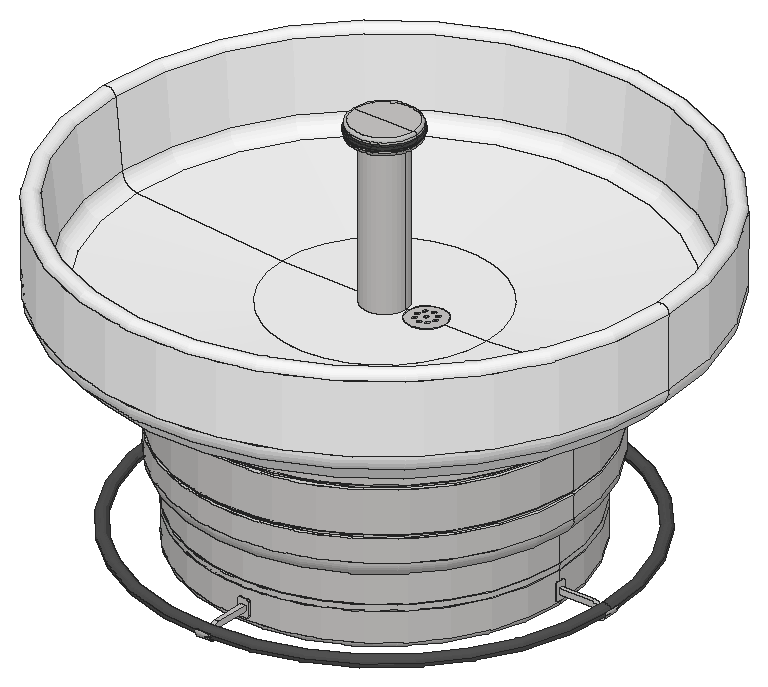
Revit family "Washfountain_Lavatory-Bradley_Corp-WF2608-Type_H_Drain", category Plumbing Fixtures, Revit 2012 (continued)
Lines and regions (in)
  symbolic lines, visible <- "Juvenile Height", detail levels fine
    curve 51: line (0, 17.96283, 11.99421) -> (0, -17.96145, 11.99421)
    curve 187: line (16.6163, 0, 7.8055) -> (-16.6163, 0, 7.8055)
    curve 188: line (16.6643, 0, 7.74185) -> (-16.6643, 0, 7.74185)
    curve 189: line (16.6643, 0, 7.24415) -> (-16.6643, 0, 7.24415)
    curve 190: line (16.6163, 0, 7.1805) -> (-16.6163, 0, 7.1805)
    curve 196: line (0, 16.66523, 7.74153) -> (0, -16.66523, 7.74153)
    curve 197: line (0, -16.61561, 7.8055) -> (0, 16.61699, 7.8055)
    curve 198: line (0, 16.66523, 7.24447) -> (0, -16.66523, 7.24447)
    curve 199: line (0, -16.61561, 7.1805) -> (0, 16.61699, 7.1805)
  symbolic lines, visible <- "Juvenile Height"
    curve 24: line (-16.6163, 0, 9.21405) -> (16.6163, 0, 9.21405)
    curve 52: line (0, 16.61699, 9.21405) -> (0, -16.61561, 9.21405)
  symbolic lines, visible <- "Standard Height", detail levels fine
    curve 25: line (-17.96214, 0, 14.62502) -> (17.96214, 0, 14.62502)
    curve 26: line (17.83714, 0, 14.50002) -> (-17.83714, 0, 14.50002)
    curve 27: line (-17.83714, 0, 14.37502) -> (17.83714, 0, 14.37502)
    curve 28: line (17.96214, 0, 14.25002) -> (-17.96214, 0, 14.25002)
    curve 30: line (-17.96214, 0, 10.43752) -> (17.96214, 0, 10.43752)
    curve 31: line (17.83714, 0, 10.31252) -> (-17.83714, 0, 10.31252)
    curve 32: line (-17.83714, 0, 10.18752) -> (17.83714, 0, 10.18752)
    curve 33: line (17.96214, 0, 10.06252) -> (-17.96214, 0, 10.06252)
    curve 36: line (-16.6163, 0, 3.8055) -> (16.6163, 0, 3.8055)
    curve 37: line (16.6643, 0, 3.74185) -> (-16.6643, 0, 3.74185)
    curve 39: line (-16.6163, 0, 3.1805) -> (16.6163, 0, 3.1805)
    curve 40: line (16.6643, 0, 3.24415) -> (-16.6643, 0, 3.24415)
    curve 53: line (0, 17.96307, 14.62502) -> (0, -17.96122, 14.62502)
    curve 54: line (0, -17.83622, 14.50002) -> (0, 17.83807, 14.50002)
    curve 55: line (0, 17.83807, 14.37502) -> (0, -17.83622, 14.37502)
    curve 56: line (0, -17.96122, 14.25002) -> (0, 17.96307, 14.25002)
    curve 57: line (0, 17.96307, 10.43752) -> (0, -17.96122, 10.43752)
    curve 58: line (0, -17.83622, 10.31252) -> (0, 17.83807, 10.31252)
    curve 59: line (0, 17.83807, 10.18752) -> (0, -17.83622, 10.18752)
    curve 60: line (0, -17.96122, 10.06252) -> (0, 17.96307, 10.06252)
    curve 62: line (0, 16.61723, 3.8055) -> (0, -16.61537, 3.8055)
    curve 63: line (0, 16.61723, 3.1805) -> (0, -16.61537, 3.1805)
    curve 64: line (0, -16.66337, 3.74185) -> (0, 16.66523, 3.74185)
    curve 66: line (0, -16.66337, 3.24415) -> (0, 16.66523, 3.24415)
  symbolic lines, visible <- "Standard Height", detail levels medium
    curve 29: line (-17.83714, 0, 14.43752) -> (17.83714, 0, 14.43752)
    curve 34: line (-17.83714, 0, 10.25002) -> (17.83714, 0, 10.25002)
    curve 38: line (-16.6643, 0, 3.493) -> (16.6643, 0, 3.493)
    curve 65: line (0, -16.66337, 3.493) -> (0, 16.66523, 3.493)
    curve 67: line (0, -17.83622, 10.25002) -> (0, 17.83807, 10.25002)
    curve 68: line (0, -17.83622, 14.43752) -> (0, 17.83807, 14.43752)
  symbolic lines, visible <- "Standard Height"
    curve 35: line (-16.6163, 0, 6.50796) -> (16.6163, 0, 6.50796)
    curve 61: line (0, 16.61723, 6.50796) -> (0, -16.61537, 6.50796)
  symbolic lines, detail levels coarse
    curve 41: line (0, 27, 20.75002) -> (0, -27, 20.75002)
  symbolic lines, visible <- "Soap Dispenser", detail levels medium+fine
    curve 69: line (-6.1566, 0, 43.125) -> (6.1566, 0, 43.125)
    curve 75: line (0, 6.1566, 43.125) -> (0, -6.1566, 43.125)
    curve 101: circle (0, 0, 44.125) r 4.17907 normal (0, 0, 1)
  symbolic lines, visible <- "Soap Dispenser", detail levels fine
    curve 70: line (-5.98301, 0, 42.48173) -> (5.98301, 0, 42.48173)
    curve 71: line (5.93039, 0, 41.23173) -> (-5.93039, 0, 41.23173)
    curve 72: line (-5.87777, 0, 39.98173) -> (5.87777, 0, 39.98173)
    curve 73: line (5.81, 0, 38.73173) -> (-5.81, 0, 38.73173)
    curve 74: line (-6.1566, 0, 43.75) -> (6.1566, 0, 43.75)
    curve 76: line (0, -5.98301, 42.48173) -> (0, 5.98301, 42.48173)
    curve 77: line (0, 5.93039, 41.23173) -> (0, -5.93039, 41.23173)
    curve 78: line (0, -5.87777, 39.98173) -> (0, 5.87777, 39.98173)
    curve 79: line (0, 5.81, 38.73173) -> (0, -5.81, 38.73173)
    curve 80: line (0, 6.1566, 43.75) -> (0, -6.1566, 43.75)
  symbolic lines, detail levels medium
    curve 81: line (-3.12875, 0, 35.18002) -> (-3.035, 0, 35.18002)
    curve 83: line (3.035, 0, 35.18002) -> (3.12875, 0, 35.18002)
    curve 84: line (3.12875, 0, 34.68002) -> (3.035, 0, 34.68002)
    curve 86: line (-3.035, 0, 34.68002) -> (-3.12875, 0, 34.68002)
    curve 88: line (0, 3.12875, 35.18002) -> (0, 3.035, 35.18002)
    curve 90: line (0, -3.035, 35.18002) -> (0, -3.12875, 35.18002)
    curve 91: line (0, -3.12875, 34.68002) -> (0, -3.035, 34.68002)
    curve 93: line (0, 3.035, 34.68002) -> (0, 3.12875, 34.68002)
  symbolic lines, detail levels medium+fine
    curve 82: line (-3.035, 0, 35.18002) -> (3.035, 0, 35.18002)
    curve 85: line (3.035, 0, 34.68002) -> (-3.035, 0, 34.68002)
    curve 89: line (0, 3.035, 35.18002) -> (0, -3.035, 35.18002)
    curve 92: line (0, -3.035, 34.68002) -> (0, 3.035, 34.68002)
    curve 103: circle (0, 0, 35.625) r 2 normal (0, 0, 1)
    curve 203: circle (4, 0, 29.25) r 1.25 normal (0, 0, 1)
    curve 204: circle (4, 0, 29.25) r 0.1842 normal (0, 0, 1)
    curve 205: circle (4, 0.87771, 29.25) r 0.1842 normal (0, 0, 1)
    curve 206: circle (4.62063, 0.62063, 29.25) r 0.1842 normal (0, 0, 1)
    curve 207: circle (4.87771, 0, 29.25) r 0.1842 normal (0, 0, 1)
    curve 208: circle (4.62063, -0.62063, 29.25) r 0.1842 normal (0, 0, 1)
    curve 209: circle (4, -0.87771, 29.25) r 0.1842 normal (0, 0, 1)
    curve 210: circle (3.37937, -0.62063, 29.25) r 0.1842 normal (0, 0, 1)
    curve 211: circle (3.12229, 0, 29.25) r 0.1842 normal (0, 0, 1)
    curve 212: circle (3.37937, 0.62063, 29.25) r 0.1842 normal (0, 0, 1)
    curve 214: circle (0, 0, 29.25) r 20.5 normal (0, 0, 1)
  symbolic lines
    curve 87: line (-2, 0, 34.23502) -> (2, 0, 34.23502)
    curve 94: line (0, 2, 34.23502) -> (0, -2, 34.23502)
    curve 202: circle (4, 0, 29.25) r 1.75 normal (0, 0, 1)
    curve 213: circle (0, 0, 29.25) r 25 normal (0, 0, 1)
  symbolic lines, visible <- "Sensor Module", detail levels fine
    curve 95: line (-4.49987, 0, 38.55959) -> (4.49987, 0, 38.55959)
    curve 98: line (0, 4.49987, 38.55959) -> (0, -4.49987, 38.55959)
  symbolic lines, visible <- "Sensor Module", detail levels medium
    curve 96: line (4.57537, 0, 37.11012) -> (-4.5755, 0, 37.11012)
    curve 99: line (0, -4.57537, 37.11012) -> (0, 4.57537, 37.11012)
  symbolic lines, visible <- "Sensor Module"
    curve 97: line (-2, 0, 36.28462) -> (2, 0, 36.28462)
    curve 100: line (0, 2, 36.285) -> (0, -2, 36.285)
  symbolic lines, visible <- "Sensor Module", detail levels medium+fine
    curve 102: circle (0, 0, 39.125) r 2.10282 normal (0, 0, 1)
  model lines, visible <- "Towel Dispenser", detail levels fine
    curve 107: spline (-9.02676, 1.1394, 53.87502) -> (-8.93305, 0.9771, 56.91615) -> (-8.65832, 0.50125, 59.75002) -> (-8.22128, -0.25572, 62.18353) -> (-7.65173, -1.24223, 64.05082) -> (-6.98846, -2.39103, 65.22465) -> (-6.2767, -3.62385, 65.62502) -> (-5.56493, -4.85667, 65.22465) -> (-4.90166, -6.00548, 64.05082) -> (-4.33211, -6.99198, 62.18353) -> (-3.89507, -7.74895, 59.75002) -> (-3.62034, -8.2248, 56.91615) -> (-3.52663, -8.3871, 53.87502)
    curve 108: spline (3.527, -8.3872, 53.87502) -> (3.6207, -8.22489, 56.91615) -> (3.89542, -7.74903, 59.75002) -> (4.33244, -6.99205, 62.18353) -> (4.90197, -6.00554, 64.05082) -> (5.56521, -4.85671, 65.22465) -> (6.27694, -3.62387, 65.62502) -> (6.98868, -2.39103, 65.22465) -> (7.65191, -1.24221, 64.05082) -> (8.22144, -0.2557, 62.18353) -> (8.65846, 0.50129, 59.75002) -> (8.93318, 0.97714, 56.91615) -> (9.02688, 1.13945, 53.87502)
    curve 154: spline (4.50547, -6.69233, 56.47659) -> (4.48576, -6.72648, 56.51066) -> (4.46739, -6.7583, 56.61056) -> (4.45161, -6.78563, 56.76948) -> (4.43951, -6.80659, 56.97659) -> (4.4319, -6.81977, 57.21777) -> (4.4293, -6.82427, 57.47659) -> (4.4319, -6.81977, 57.7354) -> (4.43951, -6.80659, 57.97659) -> (4.45161, -6.78563, 58.18369) -> (4.46739, -6.7583, 58.34261) -> (4.48576, -6.72648, 58.44251) -> (4.50547, -6.69233, 58.47659) -> (4.52519, -6.65819, 58.44251) -> (4.54356, -6.62637, 58.34261) -> (4.55933, -6.59904, 58.18369) -> (4.57144, -6.57807, 57.97659) -> (4.57905, -6.56489, 57.7354) -> (4.58164, -6.5604, 57.47659) -> (4.57905, -6.56489, 57.21777) -> (4.57144, -6.57807, 56.97659) -> (4.55933, -6.59904, 56.76948) -> (4.54356, -6.62637, 56.61056) -> (4.52519, -6.65819, 56.51066) -> (4.50547, -6.69233, 56.47659)
    curve 155: spline (3.54323, 7.20696, 56.47659) -> (3.58266, 7.20696, 56.51066) -> (3.6194, 7.20696, 56.61056) -> (3.65095, 7.20696, 56.76948) -> (3.67516, 7.20696, 56.97659) -> (3.69038, 7.20696, 57.21777) -> (3.69557, 7.20696, 57.47659) -> (3.69038, 7.20696, 57.7354) -> (3.67516, 7.20696, 57.97659) -> (3.65095, 7.20696, 58.18369) -> (3.6194, 7.20696, 58.34261) -> (3.58266, 7.20696, 58.44251) -> (3.54323, 7.20696, 58.47659) -> (3.5038, 7.20696, 58.44251) -> (3.46706, 7.20696, 58.34261) -> (3.4355, 7.20696, 58.18369) -> (3.41129, 7.20696, 57.97659) -> (3.39607, 7.20696, 57.7354) -> (3.39088, 7.20696, 57.47659) -> (3.39607, 7.20696, 57.21777) -> (3.41129, 7.20696, 56.97659) -> (3.4355, 7.20696, 56.76948) -> (3.46706, 7.20696, 56.61056) -> (3.5038, 7.20696, 56.51066) -> (3.54323, 7.20696, 56.47659)
    curve 156: spline (-8.04824, -0.55544, 56.47659) -> (-8.06796, -0.52129, 56.51066) -> (-8.08633, -0.48947, 56.61056) -> (-8.10211, -0.46215, 56.76948) -> (-8.11421, -0.44118, 56.97659) -> (-8.12182, -0.428, 57.21777) -> (-8.12442, -0.42351, 57.47659) -> (-8.12182, -0.428, 57.7354) -> (-8.11421, -0.44118, 57.97659) -> (-8.10211, -0.46215, 58.18369) -> (-8.08633, -0.48947, 58.34261) -> (-8.06796, -0.52129, 58.44251) -> (-8.04824, -0.55544, 58.47659) -> (-8.02853, -0.58959, 58.44251) -> (-8.01016, -0.62141, 58.34261) -> (-7.99438, -0.64873, 58.18369) -> (-7.98228, -0.6697, 57.97659) -> (-7.97467, -0.68288, 57.7354) -> (-7.97207, -0.68737, 57.47659) -> (-7.97467, -0.68288, 57.21777) -> (-7.98228, -0.6697, 56.97659) -> (-7.99438, -0.64873, 56.76948) -> (-8.01016, -0.62141, 56.61056) -> (-8.02853, -0.58959, 56.51066) -> (-8.04824, -0.55544, 56.47659)
    curve 157: spline (5.50026, 7.20696, 53.87502) -> (5.31285, 7.20696, 56.91615) -> (4.76338, 7.20696, 59.75002) -> (3.88931, 7.20696, 62.18353) -> (2.75019, 7.20696, 64.05082) -> (1.42367, 7.20696, 65.22465) -> (0.00013, 7.20696, 65.62502) -> (-1.42341, 7.20696, 65.22465) -> (-2.74994, 7.20696, 64.05082) -> (-3.88905, 7.20696, 62.18353) -> (-4.76312, 7.20696, 59.75002) -> (-5.31259, 7.20696, 56.91615) -> (-5.5, 7.20696, 53.87502)
  symbolic lines, visible <- "Towel Dispenser", detail levels fine
    curve 110: spline (-9.02676, -27, 53.87502) -> (-8.93305, -27, 56.91615) -> (-8.65832, -27, 59.75002) -> (-8.22128, -27, 62.18353) -> (-7.65173, -27, 64.05082) -> (-6.98846, -27, 65.22465) -> (-6.2767, -27, 65.62502) -> (-5.56493, -27, 65.22465) -> (-4.90166, -27, 64.05082) -> (-4.33211, -27, 62.18353) -> (-3.89507, -27, 59.75002) -> (-3.62034, -27, 56.91615) -> (-3.52663, -27, 53.87502)
    curve 111: spline (3.527, -27, 53.87502) -> (3.6207, -27, 56.91615) -> (3.89542, -27, 59.75002) -> (4.33244, -27, 62.18353) -> (4.90197, -27, 64.05082) -> (5.56521, -27, 65.22465) -> (6.27694, -27, 65.62502) -> (6.98868, -27, 65.22465) -> (7.65191, -27, 64.05082) -> (8.22144, -27, 62.18353) -> (8.65846, -27, 59.75002) -> (8.93318, -27, 56.91615) -> (9.02688, -27, 53.87502)
    curve 141: spline (5.50026, 27, 53.87502) -> (5.31285, 27, 56.91615) -> (4.76338, 27, 59.75002) -> (3.88931, 27, 62.18353) -> (2.75019, 27, 64.05082) -> (1.42367, 27, 65.22465) -> (0.00013, 27, 65.62502) -> (-1.42341, 27, 65.22465) -> (-2.74994, 27, 64.05082) -> (-3.88905, 27, 62.18353) -> (-4.76312, 27, 59.75002) -> (-5.31259, 27, 56.91615) -> (-5.5, 27, 53.87502)
    curve 149: spline (0, 1.1394, 53.87502) -> (0, 0.9771, 56.91615) -> (0, 0.50125, 59.75002) -> (0, -0.25572, 62.18353) -> (0, -1.24223, 64.05082) -> (0, -2.39103, 65.22465) -> (0, -3.62385, 65.62502) -> (0, -4.85667, 65.22465) -> (0, -6.00548, 64.05082) -> (0, -6.99198, 62.18353) -> (0, -7.74895, 59.75002) -> (0, -8.2248, 56.91615) -> (0, -8.3871, 53.87502)
    curve 158: spline (-8.04824, -27, 56.47659) -> (-8.06796, -27, 56.51066) -> (-8.08633, -27, 56.61056) -> (-8.10211, -27, 56.76948) -> (-8.11421, -27, 56.97659) -> (-8.12182, -27, 57.21777) -> (-8.12442, -27, 57.47659) -> (-8.12182, -27, 57.7354) -> (-8.11421, -27, 57.97659) -> (-8.10211, -27, 58.18369) -> (-8.08633, -27, 58.34261) -> (-8.06796, -27, 58.44251) -> (-8.04824, -27, 58.47659) -> (-8.02853, -27, 58.44251) -> (-8.01016, -27, 58.34261) -> (-7.99438, -27, 58.18369) -> (-7.98228, -27, 57.97659) -> (-7.97467, -27, 57.7354) -> (-7.97207, -27, 57.47659) -> (-7.97467, -27, 57.21777) -> (-7.98228, -27, 56.97659) -> (-7.99438, -27, 56.76948) -> (-8.01016, -27, 56.61056) -> (-8.02853, -27, 56.51066) -> (-8.04824, -27, 56.47659)
    curve 159: spline (4.50547, -27, 56.47659) -> (4.48576, -27, 56.51066) -> (4.46739, -27, 56.61056) -> (4.45161, -27, 56.76948) -> (4.43951, -27, 56.97659) -> (4.4319, -27, 57.21777) -> (4.4293, -27, 57.47659) -> (4.4319, -27, 57.7354) -> (4.43951, -27, 57.97659) -> (4.45161, -27, 58.18369) -> (4.46739, -27, 58.34261) -> (4.48576, -27, 58.44251) -> (4.50547, -27, 58.47659) -> (4.52519, -27, 58.44251) -> (4.54356, -27, 58.34261) -> (4.55933, -27, 58.18369) -> (4.57144, -27, 57.97659) -> (4.57905, -27, 57.7354) -> (4.58164, -27, 57.47659) -> (4.57905, -27, 57.21777) -> (4.57144, -27, 56.97659) -> (4.55933, -27, 56.76948) -> (4.54356, -27, 56.61056) -> (4.52519, -27, 56.51066) -> (4.50547, -27, 56.47659)
    curve 160: spline (3.54323, 27, 56.47659) -> (3.58266, 27, 56.51066) -> (3.6194, 27, 56.61056) -> (3.65095, 27, 56.76948) -> (3.67516, 27, 56.97659) -> (3.69038, 27, 57.21777) -> (3.69557, 27, 57.47659) -> (3.69038, 27, 57.7354) -> (3.67516, 27, 57.97659) -> (3.65095, 27, 58.18369) -> (3.6194, 27, 58.34261) -> (3.58266, 27, 58.44251) -> (3.54323, 27, 58.47659) -> (3.5038, 27, 58.44251) -> (3.46706, 27, 58.34261) -> (3.4355, 27, 58.18369) -> (3.41129, 27, 57.97659) -> (3.39607, 27, 57.7354) -> (3.39088, 27, 57.47659) -> (3.39607, 27, 57.21777) -> (3.41129, 27, 56.97659) -> (3.4355, 27, 56.76948) -> (3.46706, 27, 56.61056) -> (3.5038, 27, 56.51066) -> (3.54323, 27, 56.47659)
    curve 194: spline (0, -0.55544, 56.47659) -> (0, -0.52129, 56.51066) -> (0, -0.48947, 56.61056) -> (0, -0.46215, 56.76948) -> (0, -0.44118, 56.97659) -> (0, -0.428, 57.21777) -> (0, -0.42351, 57.47659) -> (0, -0.428, 57.7354) -> (0, -0.44118, 57.97659) -> (0, -0.46215, 58.18369) -> (0, -0.48947, 58.34261) -> (0, -0.52129, 58.44251) -> (0, -0.55544, 58.47659) -> (0, -0.58959, 58.44251) -> (0, -0.62141, 58.34261) -> (0, -0.64873, 58.18369) -> (0, -0.6697, 57.97659) -> (0, -0.68288, 57.7354) -> (0, -0.68737, 57.47659) -> (0, -0.68288, 57.21777) -> (0, -0.6697, 56.97659) -> (0, -0.64873, 56.76948) -> (0, -0.62141, 56.61056) -> (0, -0.58959, 56.51066) -> (0, -0.55544, 56.47659)
  symbolic lines, visible <- "Towel Dispenser"
    curve 112: line (-0.06253, -27, 67.813) -> (-3.52663, -27, 67.12567)
    curve 113: line (3.527, -27, 67.12567) -> (0.06285, -27, 67.813)
    curve 114: line (-9.02676, -27, 67.12567) -> (-3.52663, -27, 67.12567)
    curve 115: line (-3.52663, -27, 67.12567) -> (-3.52663, -27, 53.87502)
    curve 116: line (3.527, -27, 53.87502) -> (3.527, -27, 67.12567)
    curve 117: line (0.06285, -27, 67.813) -> (0.06285, -27, 52.5)
    curve 118: line (-0.06253, -27, 52.5) -> (-0.06253, -27, 67.813)
    curve 119: line (-3.52663, -27, 53.87502) -> (-1.57807, -27, 52.5)
    curve 120: line (1.57842, -27, 52.5) -> (3.527, -27, 53.87502)
    curve 121: line (-9.02676, -27, 53.87502) -> (-3.52663, -27, 53.87502)
    curve 122: line (3.527, -27, 53.87502) -> (9.02688, -27, 53.87502)
    curve 131: line (3.527, -27, 67.12567) -> (9.02688, -27, 67.12567)
    curve 133: line (-5.5, 27, 67.813) -> (-5.5, 27, 52.5)
    curve 134: line (5.50026, 27, 52.5) -> (5.50026, 27, 67.813)
    curve 135: line (5.50026, 27, 67.12567) -> (-5.5, 27, 67.12567)
    curve 136: line (5.50026, 27, 53.87502) -> (-5.5, 27, 53.87502)
    curve 142: line (0, 3.20696, 67.813) -> (0, 3.20696, 52.5)
    curve 143: line (0, 3.1394, 67.813) -> (0, 3.1394, 52.5)
    curve 144: line (0, 1.1394, 67.12567) -> (0, 3.1394, 67.813)
    curve 145: line (0, 1.1394, 53.87502) -> (0, 1.1394, 67.12567)
    curve 146: line (0, 1.1394, 67.12567) -> (0, -8.3871, 67.12567)
    curve 147: line (0, 2.2644, 52.5) -> (0, 1.1394, 53.87502)
    curve 148: line (0, 1.1394, 53.87502) -> (0, -8.3871, 53.87502)
    curve 192: line (-2, -27, 52.5) -> (2, -27, 52.5)
    curve 193: line (-2, -27, 67.813) -> (2, -27, 67.813)
    curve 195: line (0, 2, 67.813) -> (0, -2, 67.813)
    curve 218: line (-5.56259, 3.13929, 52.5) -> (-0.06259, -6.38699, 52.5)
    curve 219: line (0.06279, -6.3871, 52.5) -> (5.56279, 3.13918, 52.5)
    curve 220: line (5.50026, 3.20696, 52.5) -> (-5.5, 3.20696, 52.5)
    curve 221: line (-5.5, 3.20696, 52.5) -> (-5.56259, 3.13929, 52.5)
    curve 222: line (5.56279, 3.13918, 52.5) -> (5.50026, 3.20696, 52.5)
  symbolic lines, visible <- "Towel Dispenser", detail levels medium+fine
    curve 123: line (-3.85657, -27, 53.5786) -> (-7.8567, -27, 53.5786)
    curve 124: spline (-7.8567, -27, 53.5786) -> (-7.93487, -27, 53.56528) -> (-7.96995, -27, 53.52621) -> (-7.95954, -27, 53.46406) -> (-7.90435, -27, 53.38306) -> (-7.80815, -27, 53.28873) -> (-7.67748, -27, 53.18751) -> (-7.52126, -27, 53.08629) -> (-7.35013, -27, 52.99197) -> (-7.17575, -27, 52.91097) -> (-7.01001, -27, 52.84882) -> (-6.8642, -27, 52.80975) -> (-6.74826, -27, 52.79642)
    curve 125: line (-6.74826, -27, 52.79642) -> (-2.74813, -27, 52.79642)
    curve 126: spline (-2.74813, -27, 52.79642) -> (-2.66996, -27, 52.80975) -> (-2.63488, -27, 52.84882) -> (-2.64529, -27, 52.91097) -> (-2.70048, -27, 52.99197) -> (-2.79669, -27, 53.08629) -> (-2.92735, -27, 53.18751) -> (-3.08357, -27, 53.28873) -> (-3.2547, -27, 53.38306) -> (-3.42908, -27, 53.46406) -> (-3.59482, -27, 53.52621) -> (-3.74063, -27, 53.56528) -> (-3.85657, -27, 53.5786)
    curve 127: line (7.8569, -27, 53.57864) -> (3.85695, -27, 53.57864)
    curve 128: spline (3.85695, -27, 53.57864) -> (3.74101, -27, 53.56531) -> (3.59521, -27, 53.52624) -> (3.42947, -27, 53.46409) -> (3.25509, -27, 53.38309) -> (3.08396, -27, 53.28877) -> (2.92774, -27, 53.18755) -> (2.79707, -27, 53.08632) -> (2.70086, -27, 52.992) -> (2.64567, -27, 52.911) -> (2.63526, -27, 52.84885) -> (2.67033, -27, 52.80978) -> (2.7485, -27, 52.79645)
    curve 129: line (2.7485, -27, 52.79645) -> (6.74844, -27, 52.79645)
    curve 130: spline (6.74844, -27, 52.79645) -> (6.86438, -27, 52.80978) -> (7.01019, -27, 52.84885) -> (7.17593, -27, 52.911) -> (7.3503, -27, 52.992) -> (7.52143, -27, 53.08632) -> (7.67766, -27, 53.18755) -> (7.80832, -27, 53.28877) -> (7.90453, -27, 53.38309) -> (7.95972, -27, 53.46409) -> (7.97014, -27, 53.52624) -> (7.93507, -27, 53.56531) -> (7.8569, -27, 53.57864)
    curve 137: line (-4, 27, 53.5786) -> (4.00026, 27, 53.5786)
    curve 138: spline (4.00026, 27, 53.5786) -> (4.19437, 27, 53.56528) -> (4.37526, 27, 53.52621) -> (4.53059, 27, 53.46406) -> (4.64978, 27, 53.38306) -> (4.7247, 27, 53.28873) -> (4.75026, 27, 53.18751) -> (4.7247, 27, 53.08629) -> (4.64978, 27, 52.99197) -> (4.53059, 27, 52.91097) -> (4.37526, 27, 52.84882) -> (4.19437, 27, 52.80975) -> (4.00026, 27, 52.79642)
    curve 139: line (4.00026, 27, 52.79642) -> (-4, 27, 52.79642)
    curve 140: spline (-4, 27, 52.79642) -> (-4.19411, 27, 52.80975) -> (-4.375, 27, 52.84882) -> (-4.53033, 27, 52.91097) -> (-4.64952, 27, 52.99197) -> (-4.72444, 27, 53.08629) -> (-4.75, 27, 53.18751) -> (-4.72444, 27, 53.28873) -> (-4.64952, 27, 53.38306) -> (-4.53033, 27, 53.46406) -> (-4.375, 27, 53.52621) -> (-4.19411, 27, 53.56528) -> (-4, 27, 53.5786)
    curve 150: line (0, -6.84554, 53.5786) -> (0, 0.08288, 53.5786)
    curve 151: spline (0, 0.08288, 53.5786) -> (0, 0.26189, 53.56528) -> (0, 0.45051, 53.52621) -> (0, 0.63588, 53.46406) -> (0, 0.80537, 53.38306) -> (0, 0.94743, 53.28873) -> (0, 1.05238, 53.18751) -> (0, 1.11307, 53.08629) -> (0, 1.12535, 52.99197) -> (0, 1.0884, 52.91097) -> (0, 1.00473, 52.84882) -> (0, 0.88005, 52.80975) -> (0, 0.72284, 52.79642)
    curve 152: line (0, 0.72284, 52.79642) -> (0, -6.20559, 52.79642)
    curve 153: spline (0, -6.20559, 52.79642) -> (0, -6.3846, 52.80975) -> (0, -6.57321, 52.84882) -> (0, -6.75859, 52.91097) -> (0, -6.92808, 52.99197) -> (0, -7.07014, 53.08629) -> (0, -7.17508, 53.18751) -> (0, -7.23577, 53.28873) -> (0, -7.24806, 53.38306) -> (0, -7.2111, 53.46406) -> (0, -7.12744, 53.52621) -> (0, -7.00275, 53.56528) -> (0, -6.84554, 53.5786)
    curve 215: line (-7.0782, 2.2644, 52.5) -> (-1.57807, -7.2621, 52.5)
    curve 216: line (1.57842, -7.26225, 52.5) -> (7.07842, 2.26403, 52.5)
    curve 217: line (5.50026, 4.95696, 52.5) -> (-5.5, 4.95696, 52.5)
  model lines, not visible
    curve 161: circle (0, 0, 0) r 21 normal (0, 0, 1)
  sketch lines
    curve 162: circle (0, 0, 0) r 21 normal (0, 0, 1)
  symbolic lines, visible <- "Foot Control Valve", detail levels fine
    curve 163: line (-0.67, 0, 0.925) -> (-0.67, 0, 1.61691)
    curve 164: line (-0.67, 0, 1.61691) -> (0.67, 0, 1.61691)
    curve 165: line (0.67, 0, 1.61691) -> (0.67, 0, 0.925)
    curve 166: line (-0.46567, 0, 0.825) -> (0.46567, 0, 0.825)
    curve 167: line (-0.50501, 0, 1.925) -> (0.50501, 0, 1.925)
    curve 168: arc (-20.98857, 0, 0.925) -> (-21.39304, 0, 1.11581) -> (-21.48307, 0, 1.55388) r 0.5
    curve 169: arc (-20.99912, 0, 0.82487) -> (-20.82626, 0, 0.85057) -> (-20.66814, 0, 0.925) r 0.6
    curve 170: line (-20.30228, 0, 0.925) -> (-20.98857, 0, 0.925)
    curve 171: arc (21.48307, 0, 1.55388) -> (21.39304, 0, 1.11581) -> (20.98857, 0, 0.925) r 0.5
    curve 172: arc (20.66814, 0, 0.925) -> (20.82626, 0, 0.85057) -> (20.99912, 0, 0.82487) r 0.6
    curve 173: line (20.30228, 0, 0.925) -> (20.98857, 0, 0.925)
    curve 174: arc (0, 21.48307, 1.55401) -> (0, 20.6919, 1.03121) -> (0, 21.009, 1.92492) r 0.5
    curve 175: arc (0, 20.51154, 1.53179) -> (0, 20.47337, 1.59132) -> (0, 20.41385, 1.55315) r 0.05
    curve 176: arc (0, 20.41385, 1.55315) -> (0, 20.5328, 1.04853) -> (0, 21.00059, 0.825) r 0.6
    curve 177: line (0, 20.30377, 0.92644) -> (0, 20.66618, 0.92644)
    curve 178: arc (0, -21.00467, 1.92498) -> (0, -20.69361, 1.02988) -> (0, -21.48307, 1.55401) r 0.5
    curve 179: arc (0, -20.41385, 1.55315) -> (0, -20.47337, 1.59132) -> (0, -20.51154, 1.53179) r 0.05
    curve 180: arc (0, -20.98882, 0.8251) -> (0, -20.52913, 1.05313) -> (0, -20.41385, 1.55315) r 0.6
    curve 181: line (0, -20.30078, 0.92644) -> (0, -20.66618, 0.92644)
    curve 182: line (0, -0.67, 1.61678) -> (0, -0.67, 0.82487)
    curve 183: line (0, 0.67, 1.61678) -> (0, -0.67, 1.61678)
    curve 184: line (0, 0.67, 0.82487) -> (0, 0.67, 1.61678)
    curve 185: line (0, 0.50501, 1.92487) -> (0, -0.50501, 1.92487)
    curve 186: line (0, 0.46567, 0.82487) -> (0, -0.46567, 0.82487)
  model lines, detail levels medium+fine
    curve 201: circle (4, 0, 20.20024) r 1.25 normal (0, 0, 1)
    curve 223: circle (4, 0, 20.25) r 1.25 normal (0, 0, 1)
Dimensions and locks (in)
  equal spacing: plane 4 "Left", plane 3 "Center (Left/Right)", plane 5 "Right"
  "Width": plane 4 "Left" to plane 5 "Right"
  equal spacing: plane 7 "Back", plane 1 "Center (Front/Back)", plane 6 "Front"
  "Width": plane 7 "Back" to plane 6 "Front"
  "Towel Dispenser Height": plane 8 "Towel Dispenser" to plane 2
  "Soap Dispenser Height": plane 9 "Soap Dispenser" to plane 2
  "Sensor Module Height": plane 10 "Sensor Module" to plane 2
  "Spray Head Height": plane 11 "Spray Head" to plane 2
  "Rim Height": plane 12 "Rim Height" to plane 2
  "Pedestal Height": plane 13 "Pedestal Height" to plane 2
  locked: plane 11 "Spray Head" to Revolve 7 sketch curve at 1.38998
  locked: plane 9 "Soap Dispenser" to Revolve 9 sketch curve at 6
  locked: plane 9 "Soap Dispenser" to Masking region 13 sketch curve at 6
  locked: plane 9 "Soap Dispenser" to Masking region 14 sketch curve at 6
  locked: plane 10 "Sensor Module" to Revolve 11 sketch curve at 2.84038
  locked: plane 10 "Sensor Module" to Revolve 12 sketch curve at 2.84
  locked: plane 10 "Sensor Module" to Masking region 21 sketch curve at 2.84038
  locked: plane 10 "Sensor Module" to Masking region 21 sketch curve at 2.84
  locked: plane 10 "Sensor Module" to Masking region 22 sketch curve at 2.84038  (x2)
  locked: plane 10 "Sensor Module" to Masking region 23 sketch curve at 2.84038
  locked: plane 10 "Sensor Module" to Masking region 23 sketch curve at 2.84
  locked: plane 10 "Sensor Module" to Masking region 24 sketch curve at 2.84038  (x2)
  locked: Extrusion 13 sketch curve to curve 106 at 4
  locked: curve 106 to Extrusion 13 sketch curve at 15.16279
  locked: curve 106 to Extrusion 13 sketch curve at 15.313
  locked: Extrusion 14 sketch curve to curve 104 at 4
  locked: curve 104 to Extrusion 14 sketch curve at 15.313
  locked: curve 104 to Extrusion 14 sketch curve at 15.16279
  locked: Extrusion 15 sketch curve to curve 105 at 15.313
  locked: Extrusion 15 sketch curve to curve 105 at 14.62567
  locked: Extrusion 16 to Extrusion 14 at 1
  locked: plane 9 "Soap Dispenser" to plane 14 at 6
  "Soap Dispenser Holder": plane 14 to Masking region 32
  "Soap Dispenser Holder": Masking region 33 to plane 14
  "Soap Dispenser Holder": plane 14 to Extrusion 17
  "Towel Dispenser Holder": plane 8 "Towel Dispenser" to Extrusion 16
  "Towel Dispenser Holder": plane 8 "Towel Dispenser" to Masking region 30 sketch curve
  "Towel Dispenser Holder": plane 8 "Towel Dispenser" to Masking region 38
  locked: Extrusion 31 to plane 2 at 3
  "Vent Height": Extrusion 32 to plane 2
  plane 1 "Center (Front/Back)" to Extrusion 33 sketch curve = 2.500"  (x2)
  Extrusion 33 sketch curve to plane 3 "Center (Left/Right)" to Extrusion 33 sketch curve = 7.625", 7.625"
  locked: Extrusion 33 to plane 2 at 2.5
  locked: Extrusion 31 sketch curve to plane 3 "Center (Left/Right)" at 4
  locked: plane 9 "Soap Dispenser" to Revolve 10 sketch curve at 1
  locked: plane 9 "Soap Dispenser" to Revolve 34 sketch curve at 1
  locked: plane 10 "Sensor Module" to Extrusion 35 sketch curve at 1.3649
  locked: plane 10 "Sensor Module" to Extrusion 37 sketch curve at 1.3649
  locked: plane 10 "Sensor Module" to Extrusion 36 sketch curve at 1.3649
  locked: plane 10 "Sensor Module" to Extrusion 38 sketch curve at 1.3649
  "Drain Radius": radius of Extrusion 31 sketch curve
  "Vent Radius": radius of Extrusion 32 sketch curve
  "Hot Lavatory Inlet Radius": radius of Extrusion 33 sketch curve
  "Cold Lavatory Inlet Radius": radius of Extrusion 33 sketch curve
  aligned and locked: Revolve 1 sketch curve to plane 3 "Center (Left/Right)"
  aligned and locked: Revolve 2 sketch curve to plane 4 "Left"
  aligned and locked: Revolve 2 sketch curve to plane 13 "Pedestal Height"
  aligned and locked: plane 3 "Center (Left/Right)" to Revolve 2 sketch curve
  aligned and locked: Revolve 2 sketch curve to plane 3 "Center (Left/Right)"
  aligned and locked: Revolve 3 sketch curve to plane 3 "Center (Left/Right)"  (x2)
  aligned and locked: Revolve 4 sketch curve to plane 3 "Center (Left/Right)"
  aligned and locked: Revolve 5 sketch curve to plane 3 "Center (Left/Right)"
  aligned and locked: Revolve 6 sketch curve to plane 3 "Center (Left/Right)"
  aligned and locked: Revolve 7 sketch curve to plane 3 "Center (Left/Right)"
  aligned and locked: Revolve 8 sketch curve to plane 3 "Center (Left/Right)"
  aligned and locked: Revolve 9 sketch curve to plane 3 "Center (Left/Right)"
  aligned and locked: Revolve 10 sketch curve to plane 3 "Center (Left/Right)"
  aligned and locked: plane 12 "Rim Height" to Masking region 17 sketch curve
  aligned and locked: Masking region 18 sketch curve to plane 12 "Rim Height"
  aligned and locked: Masking region 19 sketch curve to plane 12 "Rim Height"
  aligned and locked: plane 12 "Rim Height" to Masking region 20 sketch curve
  aligned and locked: Revolve 11 sketch curve to plane 3 "Center (Left/Right)"
  aligned and locked: Revolve 12 sketch curve to plane 3 "Center (Left/Right)"
  aligned and locked: Revolve 11 sketch curve to plane 11 "Spray Head"
  aligned and locked: Revolve 12 sketch curve to plane 11 "Spray Head"
  aligned and locked: plane 11 "Spray Head" to Masking region 21 sketch curve
  aligned and locked: Masking region 22 sketch curve to plane 11 "Spray Head"
  aligned and locked: plane 11 "Spray Head" to Masking region 23 sketch curve
  aligned and locked: Masking region 24 sketch curve to plane 11 "Spray Head"
  aligned and locked: plane 14 to Masking region 32 sketch curve
  aligned and locked: plane 14 to Masking region 33 sketch curve
  aligned and locked: Extrusion 17 to plane 14
  aligned and locked: Masking region 38 sketch curve to plane 8 "Towel Dispenser"
  aligned and locked: plane 12 "Rim Height" to Extrusion 29
  aligned and locked: Extrusion 29 to plane 13 "Pedestal Height"
  aligned and locked: plane 3 "Center (Left/Right)" to Masking region 25 sketch curve
  aligned and locked: plane 1 "Center (Front/Back)" to Masking region 25 sketch curve
  aligned and locked: plane 1 "Center (Front/Back)" to Extrusion 31 sketch curve
  aligned and locked: Extrusion 31 to plane 2
  aligned and locked: Revolve 8 to plane 13 "Pedestal Height"
  aligned and locked: Revolve 7 to plane 13 "Pedestal Height"
  aligned and locked: Extrusion 32 to plane 2
  aligned and locked: plane 3 "Center (Left/Right)" to Extrusion 32 sketch curve
  aligned and locked: plane 1 "Center (Front/Back)" to Extrusion 32 sketch curve
  aligned and locked: Extrusion 33 to plane 2
  aligned and locked: plane 14 to Revolve 10 sketch curve
  aligned and locked: Revolve 34 sketch curve to plane 3 "Center (Left/Right)"
  aligned and locked: Revolve 34 sketch curve to plane 9 "Soap Dispenser"
  aligned and locked: plane 3 "Center (Left/Right)" to Extrusion 35 sketch curve
  aligned and locked: plane 3 "Center (Left/Right)" to Extrusion 37 sketch curve
  aligned and locked: plane 3 "Center (Left/Right)" to Extrusion 36 sketch curve
  aligned and locked: plane 3 "Center (Left/Right)" to Extrusion 38 sketch curve
  aligned and locked: Masking region 23 to Extrusion 36
  aligned and locked: Extrusion 35 to Masking region 23
  aligned and locked: Masking region 23 to Extrusion 38
  aligned and locked: Extrusion 38 to Masking region 24
  aligned and locked: Extrusion 37 to Masking region 24
  aligned and locked: Masking region 23 to Extrusion 37
  aligned and locked: Masking region 39 sketch curve to Extrusion 36
  aligned and locked: Masking region 39 sketch curve to curve 99  (x2)
  aligned and locked: Masking region 39 sketch curve to Extrusion 35
  aligned and locked: Extrusion 38 to Masking region 40 sketch curve
  aligned and locked: Masking region 40 sketch curve to Extrusion 38
  aligned and locked: Extrusion 37 to Masking region 40 sketch curve
  aligned and locked: Masking region 40 sketch curve to Extrusion 37
  aligned and locked: Masking region 2 sketch curve to plane 13 "Pedestal Height"
  aligned and locked: Masking region 8 sketch curve to plane 13 "Pedestal Height"
  aligned and locked: Masking region 7 sketch curve to plane 13 "Pedestal Height"
  aligned and locked: cut or joined group of Revolve 2, Extrusion 29 to Extrusion 30
Automatic sketch dimensions
  curve 1 to plane 1 "Center (Front/Back)" = 0.000"
  curve 2 to plane 3 "Center (Left/Right)" = 0.000"
  plane 3 "Center (Left/Right)" to curve 1 = 3.000"
  curve 1 to plane 3 "Center (Left/Right)" = 3.000"
  curve 2 to plane 1 "Center (Front/Back)" = 3.000"
  plane 1 "Center (Front/Back)" to curve 2 = 3.000"
  curve 3 to plane 1 "Center (Front/Back)" = 0.000"
  curve 4 to plane 3 "Center (Left/Right)" = 0.000"
  plane 3 "Center (Left/Right)" to curve 3 = 3.000"
  curve 3 to plane 3 "Center (Left/Right)" = 3.000"
  curve 4 to plane 1 "Center (Front/Back)" = 3.000"
  plane 1 "Center (Front/Back)" to curve 4 = 3.000"
  curve 5 to plane 1 "Center (Front/Back)" = 0.000"
  curve 6 to plane 3 "Center (Left/Right)" = 0.000"
  plane 3 "Center (Left/Right)" to curve 5 = 3.000"
  curve 5 to plane 3 "Center (Left/Right)" = 3.000"
  curve 6 to plane 1 "Center (Front/Back)" = 3.000"
  plane 1 "Center (Front/Back)" to curve 6 = 3.000"
  curve 7 to plane 1 "Center (Front/Back)" = 0.000"
  curve 8 to plane 3 "Center (Left/Right)" = 0.000"
  plane 3 "Center (Left/Right)" to curve 7 = 3.000"
  curve 7 to plane 3 "Center (Left/Right)" = 3.000"
  curve 8 to plane 1 "Center (Front/Back)" = 3.000"
  plane 1 "Center (Front/Back)" to curve 8 = 3.000"
  curve 12 to plane 1 "Center (Front/Back)" = 0.000"
  curve 11 to plane 3 "Center (Left/Right)" = 0.000"
  plane 3 "Center (Left/Right)" to curve 12 = 3.000"
  curve 12 to plane 3 "Center (Left/Right)" = 3.000"
  curve 11 to plane 1 "Center (Front/Back)" = 3.000"
  plane 1 "Center (Front/Back)" to curve 11 = 3.000"
  Revolve 3 sketch curve to curve 12 = 13.1163"
  Revolve 3 sketch curve to Revolve 3 sketch curve = 0.34584"
  Revolve 3 sketch curve to Revolve 3 sketch curve = 0.15416"
  Revolve 3 sketch curve to Revolve 3 sketch curve = 0.500"
  Revolve 3 sketch curve to Revolve 3 sketch curve = 0.048"
  curve 12 to Revolve 3 sketch curve = 4.49998"
  Revolve 3 sketch curve to Revolve 3 sketch curve = 1.375"  (x2)
  Revolve 3 sketch curve to Revolve 3 sketch curve = 0.125"  (x9)
  Revolve 3 sketch curve to curve 12 = 0.00002"
  Revolve 3 sketch curve to Revolve 3 sketch curve = 3.8125"
  Revolve 3 sketch curve to Revolve 3 sketch curve = 2.0625"
  Revolve 3 sketch curve to Revolve 3 sketch curve = 2.70246"
  Revolve 3 sketch curve to Revolve 3 sketch curve = 0.06365"  (x2)
  Revolve 3 sketch curve to Revolve 3 sketch curve = 0.4977"
  Revolve 3 sketch curve to Revolve 3 sketch curve = 2.6805"
  Revolve 3 sketch curve to curve 12 = 24.99998"
  curve 12 to Revolve 3 sketch curve = 6.00002"
  Revolve 4 sketch curve to curve 12 = 0.000"
  curve 12 to Revolve 4 sketch curve = 3.000"
  Revolve 4 sketch curve to curve 12 = 13.6163"
  Revolve 4 sketch curve to Revolve 4 sketch curve = 1.34584"
  curve 12 to Revolve 4 sketch curve = 12.49204"
  Revolve 4 sketch curve to Revolve 4 sketch curve = 6.50796"
  Revolve 4 sketch curve to curve 12 = 24.70153"
  curve 12 to Revolve 4 sketch curve = 5.29847"
  Revolve 6 sketch curve to Revolve 6 sketch curve = 0.000"
  Revolve 6 sketch curve to curve 12 = 13.6163"
  Revolve 6 sketch curve to curve 12 = 0.00002"
  Revolve 6 sketch curve to Revolve 6 sketch curve = 1.34584"
  curve 12 to Revolve 6 sketch curve = 9.78595"
  Revolve 6 sketch curve to curve 12 = 15.000"
  Revolve 6 sketch curve to Revolve 6 sketch curve = 2.02198"
  curve 12 to Revolve 6 sketch curve = 5.97802"
  Revolve 9 sketch curve to curve 7 = 0.000"
  Revolve 9 sketch curve to Revolve 9 sketch curve = 0.000"
  Revolve 9 sketch curve to curve 7 = 0.84002"
  Revolve 9 sketch curve to curve 7 = 1.17907"
  Revolve 9 sketch curve to Revolve 9 sketch curve = 1.96998"
  Revolve 9 sketch curve to Revolve 9 sketch curve = 0.06777"
  Revolve 9 sketch curve to Revolve 9 sketch curve = 0.05262"  (x2)
  Revolve 9 sketch curve to Revolve 9 sketch curve = 0.03075"
  curve 7 to Revolve 9 sketch curve = 0.375"
  Revolve 9 sketch curve to Revolve 9 sketch curve = 0.14284"
  Revolve 9 sketch curve to curve 7 = 10.32479"
  Revolve 9 sketch curve to Revolve 9 sketch curve = 0.60673"
  Revolve 9 sketch curve to Revolve 9 sketch curve = 1.250"  (x3)
  Revolve 9 sketch curve to Revolve 9 sketch curve = 0.625"
  Revolve 9 sketch curve to curve 7 = 2.42521"
  Revolve 10 sketch curve to Revolve 10 sketch curve = 0.000"
  Revolve 10 sketch curve to curve 7 = 2.810"
  Revolve 10 sketch curve to curve 7 = 3.1566"
  Revolve 10 sketch curve to Revolve 10 sketch curve = 1.2391"
  Revolve 10 sketch curve to curve 7 = 1.2609"
  Masking region 3 sketch curve to curve 12 = 0.000"
  Masking region 3 sketch curve to curve 12 = 14.96214"
  Masking region 3 sketch curve to Masking region 3 sketch curve = 1.34584"  (x2)
  curve 12 to Masking region 3 sketch curve = 13.6163"
  Masking region 3 sketch curve to Masking region 3 sketch curve = 12.49204"  (x2)
  Masking region 3 sketch curve to Masking region 3 sketch curve = 6.50796"
  Masking region 4 sketch curve to curve 12 = 0.00002"
  Masking region 4 sketch curve to curve 12 = 14.96214"
  Masking region 4 sketch curve to Masking region 4 sketch curve = 0.000"  (x3)
  curve 12 to Masking region 4 sketch curve = 4.74998"
  Masking region 4 sketch curve to Masking region 4 sketch curve = 0.125"  (x14)
  curve 12 to Masking region 4 sketch curve = 4.62498"  (x2)
  Masking region 4 sketch curve to Masking region 4 sketch curve = 1.29784"
  Masking region 4 sketch curve to Masking region 4 sketch curve = 0.048"  (x3)
  Masking region 4 sketch curve to Masking region 4 sketch curve = 0.15416"  (x2)
  Masking region 4 sketch curve to Masking region 4 sketch curve = 0.500"  (x2)
  curve 12 to Masking region 4 sketch curve = 13.1163"
  Masking region 4 sketch curve to Masking region 4 sketch curve = 0.34584"
  Masking region 4 sketch curve to Masking region 4 sketch curve = 1.375"
  Masking region 4 sketch curve to Masking region 4 sketch curve = 1.500"
  curve 12 to Masking region 4 sketch curve = 4.37498"
  Masking region 4 sketch curve to Masking region 4 sketch curve = 3.8125"  (x2)
  Masking region 4 sketch curve to Masking region 4 sketch curve = 2.0625"  (x2)
  Masking region 4 sketch curve to Masking region 4 sketch curve = 2.70246"  (x2)
  Masking region 4 sketch curve to Masking region 4 sketch curve = 0.06365"  (x4)
  Masking region 4 sketch curve to Masking region 4 sketch curve = 0.4977"  (x2)
  Masking region 4 sketch curve to Masking region 4 sketch curve = 2.6805"
  Masking region 5 sketch curve to curve 12 = 0.000"
  Masking region 5 sketch curve to curve 12 = 14.96214"
  Masking region 5 sketch curve to Masking region 5 sketch curve = 1.34584"  (x2)
  curve 12 to Masking region 5 sketch curve = 13.6163"
  curve 12 to Masking region 5 sketch curve = 9.78595"  (x2)
  Masking region 5 sketch curve to Masking region 5 sketch curve = 5.21405"
  curve 2 to curve 41 = 8.49998"
  curve 41 to curve 2 = 24.000"
  curve 2 to curve 41 = 24.000"
  Masking region 10 sketch curve to curve 11 = 0.00002"
  Masking region 10 sketch curve to curve 11 = 14.96307"
  Masking region 10 sketch curve to Masking region 10 sketch curve = 0.000"  (x3)
  curve 11 to Masking region 10 sketch curve = 4.74998"
  Masking region 10 sketch curve to Masking region 10 sketch curve = 0.125"  (x14)
  curve 11 to Masking region 10 sketch curve = 4.62498"  (x2)
  Masking region 10 sketch curve to Masking region 10 sketch curve = 1.29784"
  Masking region 10 sketch curve to Masking region 10 sketch curve = 0.048"  (x3)
  Masking region 10 sketch curve to Masking region 10 sketch curve = 1.500"  (x2)
  Masking region 10 sketch curve to Masking region 10 sketch curve = 0.500"  (x2)
  curve 11 to Masking region 10 sketch curve = 13.11537"
  Masking region 10 sketch curve to Masking region 10 sketch curve = 0.34584"
  Masking region 10 sketch curve to Masking region 10 sketch curve = 0.15416"
  Masking region 10 sketch curve to Masking region 10 sketch curve = 1.375"
  curve 11 to Masking region 10 sketch curve = 4.37498"
  Masking region 10 sketch curve to Masking region 10 sketch curve = 3.8125"  (x2)
  Masking region 10 sketch curve to Masking region 10 sketch curve = 2.0625"  (x2)
  Masking region 10 sketch curve to Masking region 10 sketch curve = 2.70246"  (x2)
  Masking region 10 sketch curve to Masking region 10 sketch curve = 0.06365"  (x4)
  Masking region 10 sketch curve to Masking region 10 sketch curve = 0.4977"  (x2)
  Masking region 10 sketch curve to Masking region 10 sketch curve = 2.6805"
  curve 3 to Revolve 7 sketch curve = 3.000"
  curve 3 to Revolve 7 sketch curve = 1.000"
  curve 3 to Revolve 7 sketch curve = 0.215"  (x2)
  Revolve 7 sketch curve to curve 3 = 0.00002"
  Revolve 7 sketch curve to curve 3 = 0.035"  (x2)
  Revolve 7 sketch curve to Revolve 7 sketch curve = 0.09375"
  Revolve 7 sketch curve to curve 3 = 6.7545"
  Revolve 7 sketch curve to curve 3 = 16.625"
  Revolve 7 sketch curve to curve 3 = 0.94498"
  Revolve 7 sketch curve to curve 3 = 0.53873"
  Revolve 7 sketch curve to Revolve 7 sketch curve = 1.24548"
  Revolve 8 sketch curve to curve 3 = 0.000"
  curve 3 to Revolve 8 sketch curve = 1.000"
  curve 3 to Revolve 8 sketch curve = 0.215"
  curve 3 to Revolve 8 sketch curve = 0.21498"
  Revolve 8 sketch curve to curve 3 = 0.12875"
  Revolve 8 sketch curve to Revolve 8 sketch curve = 2.000"
  Revolve 8 sketch curve to curve 3 = 0.44498"
  Revolve 8 sketch curve to curve 3 = 0.94498"
  Revolve 8 sketch curve to curve 3 = 1.38998"
  curve 3 to Revolve 8 sketch curve = 1.38998"
  Revolve 8 sketch curve to curve 3 = 16.625"
  Revolve 8 sketch curve to Revolve 8 sketch curve = 0.44599"
  Masking region 13 sketch curve to curve 7 = 0.000"
  Masking region 13 sketch curve to curve 7 = 3.22592"
  Masking region 13 sketch curve to curve 7 = 2.810"
  curve 7 to Masking region 13 sketch curve = 2.810"
  curve 7 to Masking region 13 sketch curve = 3.22592"
  Masking region 14 sketch curve to curve 7 = 0.000"
  curve 7 to Masking region 14 sketch curve = 1.000"
  Masking region 14 sketch curve to curve 7 = 3.1566"
  Masking region 14 sketch curve to Masking region 14 sketch curve = 0.14284"  (x2)
  Masking region 14 sketch curve to Masking region 14 sketch curve = 0.03075"  (x2)
  Masking region 14 sketch curve to Masking region 14 sketch curve = 0.05262"  (x4)
  Masking region 14 sketch curve to Masking region 14 sketch curve = 0.06777"  (x2)
  Masking region 14 sketch curve to curve 7 = 1.17907"
  Masking region 14 sketch curve to curve 7 = 0.84002"
  curve 7 to Masking region 14 sketch curve = 0.84002"
  curve 7 to Masking region 14 sketch curve = 1.17907"
  Masking region 14 sketch curve to Masking region 14 sketch curve = 1.96998"
  curve 7 to Masking region 14 sketch curve = 0.375"
  Masking region 14 sketch curve to curve 7 = 7.18965"
  Masking region 14 sketch curve to Masking region 14 sketch curve = 0.60673"  (x2)
  Masking region 14 sketch curve to Masking region 14 sketch curve = 1.250"  (x5)
  Masking region 14 sketch curve to Masking region 14 sketch curve = 0.64327"
  Masking region 14 sketch curve to Masking region 14 sketch curve = 0.625"
  Masking region 15 sketch curve to curve 8 = 0.000"
  Masking region 15 sketch curve to curve 8 = 3.22592"
  Masking region 15 sketch curve to curve 8 = 2.810"
  curve 8 to Masking region 15 sketch curve = 2.810"
  curve 8 to Masking region 15 sketch curve = 3.22592"
  Masking region 15 sketch curve to curve 8 = 6.000"
  Masking region 16 sketch curve to curve 8 = 0.000"
  curve 8 to Masking region 16 sketch curve = 1.000"
  Masking region 16 sketch curve to curve 8 = 3.1566"
  Masking region 16 sketch curve to Masking region 16 sketch curve = 0.14284"  (x2)
  Masking region 16 sketch curve to Masking region 16 sketch curve = 0.03075"  (x2)
  Masking region 16 sketch curve to Masking region 16 sketch curve = 0.05262"  (x4)
  Masking region 16 sketch curve to Masking region 16 sketch curve = 0.06777"  (x2)
  Masking region 16 sketch curve to curve 8 = 1.17907"
  Masking region 16 sketch curve to curve 8 = 0.84002"
  curve 8 to Masking region 16 sketch curve = 0.84002"
  curve 8 to Masking region 16 sketch curve = 1.17907"
  Masking region 16 sketch curve to Masking region 16 sketch curve = 1.96998"
  curve 8 to Masking region 16 sketch curve = 0.375"
  Masking region 16 sketch curve to curve 8 = 7.18965"
  Masking region 16 sketch curve to Masking region 16 sketch curve = 1.18965"
  Masking region 16 sketch curve to Masking region 16 sketch curve = 0.60673"  (x2)
  Masking region 16 sketch curve to Masking region 16 sketch curve = 1.250"  (x5)
  Masking region 16 sketch curve to Masking region 16 sketch curve = 0.64327"
  Masking region 16 sketch curve to Masking region 16 sketch curve = 0.625"
  curve 8 to curve 80 = 0.375"
  curve 80 to curve 8 = 3.1566"
  curve 75 to curve 80 = 0.000"  (x2)
  curve 75 to curve 76 = 0.17359"
  curve 76 to curve 77 = 0.05262"
  curve 77 to curve 78 = 0.05262"
  curve 78 to curve 79 = 0.06777"
  curve 8 to curve 79 = 2.810"
  curve 79 to curve 78 = 0.06777"
  curve 78 to curve 77 = 0.05262"
  curve 77 to curve 76 = 0.05262"
  curve 76 to curve 80 = 0.17359"
  curve 75 to curve 80 = 0.625"
  curve 76 to curve 75 = 0.64327"
  curve 77 to curve 76 = 1.250"
  curve 78 to curve 77 = 1.250"
  curve 79 to curve 78 = 1.250"
  Masking region 18 sketch curve to curve 3 = 0.12875"
  Masking region 18 sketch curve to curve 3 = 0.035"  (x2)
  Masking region 18 sketch curve to curve 3 = 0.00002"
  curve 3 to Masking region 18 sketch curve = 0.215"  (x2)
  Masking region 18 sketch curve to Masking region 18 sketch curve = 0.785"
  Masking region 18 sketch curve to curve 3 = 1.000"
  Masking region 18 sketch curve to curve 3 = 0.215"  (x2)
  curve 3 to Masking region 18 sketch curve = 0.035"  (x2)
  Masking region 18 sketch curve to Masking region 18 sketch curve = 0.09375"
  Masking region 18 sketch curve to curve 3 = 1.38998"  (x2)
  Masking region 18 sketch curve to curve 3 = 0.94498"  (x2)
  Masking region 18 sketch curve to curve 3 = 0.53873"  (x2)
  Masking region 17 sketch curve to curve 3 = 0.000"
  Masking region 17 sketch curve to curve 3 = 0.12875"
  curve 3 to Masking region 17 sketch curve = 0.21498"
  curve 3 to Masking region 17 sketch curve = 0.215"
  Masking region 17 sketch curve to Masking region 17 sketch curve = 0.785"
  Masking region 17 sketch curve to curve 3 = 1.000"
  Masking region 17 sketch curve to curve 3 = 0.215"
  Masking region 17 sketch curve to curve 3 = 0.21498"
  curve 3 to Masking region 17 sketch curve = 0.12875"
  Masking region 17 sketch curve to curve 3 = 1.38998"  (x2)
  Masking region 17 sketch curve to curve 3 = 0.94498"  (x2)
  Masking region 17 sketch curve to curve 3 = 0.44498"  (x2)
  curve 7 to curve 74 = 0.375"
  curve 74 to curve 7 = 3.1566"
  curve 69 to curve 74 = 0.000"  (x2)
  curve 69 to curve 70 = 0.17359"
  curve 70 to curve 71 = 0.05262"
  curve 71 to curve 72 = 0.05262"
  curve 72 to curve 73 = 0.06777"
  curve 7 to curve 73 = 2.810"
  curve 73 to curve 72 = 0.06777"
  curve 72 to curve 71 = 0.05262"
  curve 71 to curve 70 = 0.05262"
  curve 70 to curve 74 = 0.17359"
  curve 69 to curve 74 = 0.625"
  curve 70 to curve 69 = 0.64327"
  curve 71 to curve 70 = 1.250"
  curve 72 to curve 71 = 1.250"
  curve 73 to curve 72 = 1.250"
  curve 86 to curve 3 = 0.12875"
  curve 81 to curve 3 = 0.12875"
  curve 85 to curve 3 = 0.035"
  curve 82 to curve 3 = 0.035"
  curve 3 to curve 87 = 1.000"
  curve 87 to curve 3 = 1.000"
  curve 3 to curve 84 = 0.035"
  curve 3 to curve 82 = 0.035"
  curve 82 to curve 83 = 0.09375"
  curve 84 to curve 84 = 0.09375"
  curve 87 to curve 3 = 1.38998"
  curve 86 to curve 3 = 0.94498"
  curve 83 to curve 3 = 0.44498"
  Masking region 19 sketch curve to curve 4 = 0.000"
  Masking region 19 sketch curve to curve 4 = 0.12875"
  curve 4 to Masking region 19 sketch curve = 0.21498"
  curve 4 to Masking region 19 sketch curve = 0.215"
  Masking region 19 sketch curve to Masking region 19 sketch curve = 0.785"
  Masking region 19 sketch curve to curve 4 = 1.000"
  Masking region 19 sketch curve to curve 4 = 0.215"
  Masking region 19 sketch curve to curve 4 = 0.21498"
  curve 4 to Masking region 19 sketch curve = 0.12875"
  Masking region 19 sketch curve to curve 4 = 1.38998"  (x2)
  Masking region 19 sketch curve to curve 4 = 0.94498"  (x2)
  Masking region 19 sketch curve to curve 4 = 0.44498"  (x2)
  Masking region 20 sketch curve to curve 4 = 0.12875"
  Masking region 20 sketch curve to curve 4 = 0.035"  (x2)
  curve 4 to Masking region 20 sketch curve = 0.215"  (x2)
  Masking region 20 sketch curve to curve 4 = 0.00002"
  curve 4 to Masking region 20 sketch curve = 1.000"
  Masking region 20 sketch curve to curve 4 = 1.000"
  Masking region 20 sketch curve to curve 4 = 0.215"  (x2)
  curve 4 to Masking region 20 sketch curve = 0.035"  (x2)
  Masking region 20 sketch curve to Masking region 20 sketch curve = 0.09375"
  Masking region 20 sketch curve to curve 4 = 1.38998"  (x2)
  Masking region 20 sketch curve to curve 4 = 0.94498"  (x2)
  Masking region 20 sketch curve to curve 4 = 0.53873"  (x2)
  curve 93 to curve 4 = 0.12875"
  curve 88 to curve 4 = 0.12875"
  curve 92 to curve 4 = 0.035"
  curve 89 to curve 4 = 0.035"
  curve 4 to curve 94 = 1.000"
  curve 94 to curve 4 = 1.000"
  curve 4 to curve 91 = 0.035"
  curve 4 to curve 89 = 0.035"
  curve 89 to curve 90 = 0.09375"
  curve 91 to curve 91 = 0.09375"
  curve 94 to curve 4 = 1.38998"
  curve 93 to curve 4 = 0.94498"
  curve 90 to curve 4 = 0.44498"
  Revolve 11 sketch curve to curve 5 = 0.000"
  curve 5 to Revolve 11 sketch curve = 1.000"
  curve 5 to Revolve 11 sketch curve = 0.89718"
  Revolve 11 sketch curve to curve 5 = 0.64632"
  Revolve 11 sketch curve to Revolve 11 sketch curve = 0.17678"
  Revolve 11 sketch curve to Revolve 11 sketch curve = 0.000"  (x5)
  Revolve 11 sketch curve to Revolve 11 sketch curve = 0.60355"
  Revolve 11 sketch curve to Revolve 11 sketch curve = 0.176"
  curve 5 to Revolve 11 sketch curve = 0.34072"
  Revolve 11 sketch curve to curve 5 = 1.44037"
  Revolve 11 sketch curve to Revolve 11 sketch curve = 0.01575"
  Revolve 11 sketch curve to Revolve 11 sketch curve = 0.074"
  Revolve 11 sketch curve to Revolve 11 sketch curve = 0.0755"
  Revolve 11 sketch curve to curve 5 = 2.78252"
  Revolve 11 sketch curve to curve 5 = 39.99275"
  Revolve 11 sketch curve to Revolve 11 sketch curve = 0.07322"
  Revolve 11 sketch curve to Revolve 11 sketch curve = 0.60277"
  Revolve 11 sketch curve to Revolve 11 sketch curve = 0.22469"
  Revolve 11 sketch curve to Revolve 11 sketch curve = 1.19454"
  Revolve 12 sketch curve to curve 5 = 0.000"
  curve 5 to Revolve 12 sketch curve = 1.000"
  Revolve 12 sketch curve to curve 5 = 0.75025"
  Revolve 12 sketch curve to Revolve 12 sketch curve = 0.82512"  (x2)
  Revolve 12 sketch curve to Revolve 12 sketch curve = 0.000"
  Revolve 12 sketch curve to Revolve 12 sketch curve = 0.26682"
  Revolve 12 sketch curve to curve 5 = 1.30001"
  Masking region 22 sketch curve to curve 5 = 0.000"
  Masking region 22 sketch curve to curve 5 = 1.57537"
  Masking region 22 sketch curve to Masking region 22 sketch curve = 0.0755"  (x2)
  Masking region 22 sketch curve to Masking region 22 sketch curve = 0.11925"
  Masking region 22 sketch curve to Masking region 22 sketch curve = 0.000"  (x7)
  Masking region 22 sketch curve to Masking region 22 sketch curve = 0.135"
  Masking region 22 sketch curve to Masking region 22 sketch curve = 0.074"  (x2)
  Masking region 22 sketch curve to Masking region 22 sketch curve = 0.176"  (x2)
  Masking region 22 sketch curve to curve 5 = 0.82309"
  Masking region 22 sketch curve to Masking region 22 sketch curve = 0.17678"  (x2)
  curve 5 to Masking region 22 sketch curve = 0.89718"
  curve 5 to Masking region 22 sketch curve = 1.000"
  curve 5 to Masking region 22 sketch curve = 2.78252"
  Masking region 22 sketch curve to Masking region 22 sketch curve = 0.43497"
  Masking region 22 sketch curve to curve 5 = 1.000"
  Masking region 22 sketch curve to curve 5 = 0.89718"
  curve 5 to Masking region 22 sketch curve = 0.64632"
  Masking region 22 sketch curve to Masking region 22 sketch curve = 0.60355"
  curve 5 to Masking region 22 sketch curve = 0.34072"
  curve 5 to Masking region 22 sketch curve = 1.44037"
  Masking region 22 sketch curve to Masking region 22 sketch curve = 0.01575"
  Masking region 22 sketch curve to curve 5 = 39.99275"
  Masking region 22 sketch curve to Masking region 22 sketch curve = 0.07322"  (x2)
  Masking region 22 sketch curve to Masking region 22 sketch curve = 0.60277"  (x2)
  Masking region 22 sketch curve to Masking region 22 sketch curve = 0.3591"
  Masking region 22 sketch curve to Masking region 22 sketch curve = 0.22469"
  Masking region 22 sketch curve to Masking region 22 sketch curve = 0.13441"
  Masking region 21 sketch curve to curve 5 = 0.000"
  Masking region 21 sketch curve to curve 5 = 1.5755"
  Masking region 21 sketch curve to curve 5 = 0.750"
  curve 5 to Masking region 21 sketch curve = 1.000"
  Masking region 21 sketch curve to curve 5 = 1.000"
  curve 5 to Masking region 21 sketch curve = 0.75025"
  curve 5 to Masking region 21 sketch curve = 1.57537"
  Masking region 21 sketch curve to Masking region 21 sketch curve = 0.8255"
  Masking region 21 sketch curve to Masking region 21 sketch curve = 0.82512"
  Masking region 23 sketch curve to curve 6 = 0.000"
  Masking region 23 sketch curve to curve 6 = 1.57537"
  Masking region 23 sketch curve to curve 6 = 0.74987"
  curve 6 to Masking region 23 sketch curve = 1.000"
  Masking region 23 sketch curve to curve 6 = 1.000"
  curve 6 to Masking region 23 sketch curve = 0.75025"
  curve 6 to Masking region 23 sketch curve = 1.57537"
  Masking region 23 sketch curve to Masking region 23 sketch curve = 0.82512"
  Masking region 23 sketch curve to Masking region 23 sketch curve = 0.8255"
  curve 99 to curve 6 = 1.57537"
  curve 6 to curve 98 = 0.56541"
  curve 99 to curve 98 = 0.0755"
  curve 6 to curve 100 = 1.000"
  curve 100 to curve 6 = 1.000"
  curve 6 to curve 98 = 1.49987"
  curve 98 to curve 99 = 0.0755"
  curve 99 to curve 98 = 1.44948"
  curve 100 to curve 6 = 2.840"
  Masking region 24 sketch curve to curve 6 = 0.000"
  Masking region 24 sketch curve to curve 6 = 1.57537"
  Masking region 24 sketch curve to Masking region 24 sketch curve = 0.0755"  (x2)
  Masking region 24 sketch curve to Masking region 24 sketch curve = 0.11925"
  Masking region 24 sketch curve to Masking region 24 sketch curve = 0.000"  (x7)
  Masking region 24 sketch curve to Masking region 24 sketch curve = 0.135"
  Masking region 24 sketch curve to Masking region 24 sketch curve = 0.074"
  Masking region 24 sketch curve to Masking region 24 sketch curve = 0.250"
  Masking region 24 sketch curve to curve 6 = 0.82309"
  Masking region 24 sketch curve to Masking region 24 sketch curve = 0.17678"  (x2)
  curve 6 to Masking region 24 sketch curve = 0.89718"
  curve 6 to Masking region 24 sketch curve = 1.000"
  curve 6 to Masking region 24 sketch curve = 2.78252"
  Masking region 24 sketch curve to Masking region 24 sketch curve = 0.43497"
  Masking region 24 sketch curve to curve 6 = 1.000"
  Masking region 24 sketch curve to curve 6 = 0.89718"
  curve 6 to Masking region 24 sketch curve = 0.64632"
  Masking region 24 sketch curve to Masking region 24 sketch curve = 0.60355"
  Masking region 24 sketch curve to Masking region 24 sketch curve = 0.176"
  curve 6 to Masking region 24 sketch curve = 0.34072"
  curve 6 to Masking region 24 sketch curve = 1.44037"
  Masking region 24 sketch curve to Masking region 24 sketch curve = 0.01575"
  Masking region 24 sketch curve to Masking region 24 sketch curve = 0.0595"
  Masking region 24 sketch curve to curve 6 = 39.99275"
  Masking region 24 sketch curve to Masking region 24 sketch curve = 0.07322"  (x2)
  Masking region 24 sketch curve to Masking region 24 sketch curve = 0.60277"  (x2)
  Masking region 24 sketch curve to Masking region 24 sketch curve = 0.3591"
  Masking region 24 sketch curve to Masking region 24 sketch curve = 0.22469"
  Masking region 24 sketch curve to Masking region 24 sketch curve = 0.13441"
